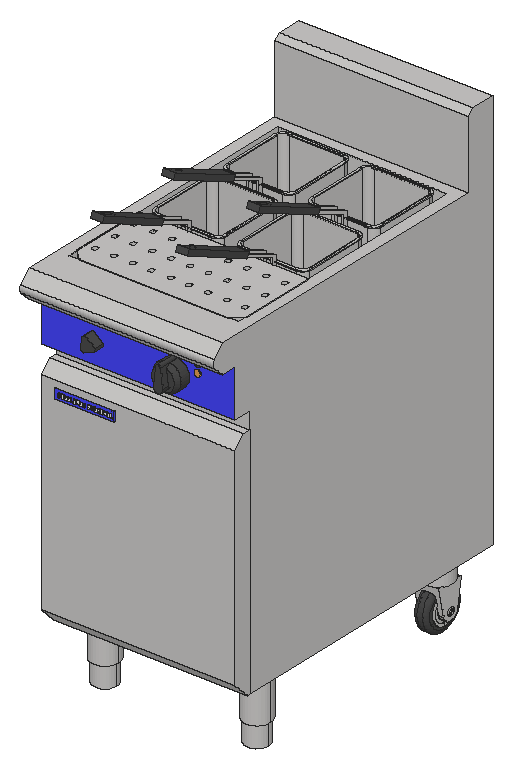
Revit family "QF_MOFFAT_BLUESEAL_CE_E47", category Specialty Equipment, Revit 2012
Parameters
  Weight in Pounds = 172
  Watts = 10500 W
  Waste Water Discharge Temperature [instance] = -459.67 °F
  Volts = 400 V
  URL Cutsheet = "www.moffat.com"
  URL = "www.moffat.com"
  Type Mark [instance] = ""
  Status [instance] = ""
  Specification by User [instance] = ""
  Specification by Manufacturer = ""
  Show Logo [instance] = yes
  Show Clearance [instance] = yes
  Show Casters [instance] = yes
  Serial Number = ""
  Seismic Rating = ""
  SMACNA No = ""
  Revision Code [instance] = ""
  Plumbing Remarks = ""
  Plumbing Connection Type = ""
  Phase = 3
  Omniclass Number and Title = ""
  Number of Poles [instance] = 1
  NAFEM Spec ID Number = ""
  Model = "E47"
  Min Ckt Ampacity = 0 A
  Max Overcurrent Protection = 0 A
  Masterspec = ""
  Manufacturer = "MOFFAT BLUESEAL"
  Legs [instance] = not(Show Casters)  # no
  Item Number [instance] = ""
  Installed By [instance] = ""
  Indirect Waste Size = 1"
  Indirect Waste Flow [instance] = 0 GPM
  Indirect Waste Connection Type = ""
  Indirect Waste Connection Height = 0 mm
  Identify Quantity as Lot [instance] = yes
  HP = ""
  Furnished By [instance] = ""
  Foodservice Equipment Identifier [instance] = yes
  FL Amps = 14.6 A
  Electrical Remarks [instance] = "14.6A PER PHASE"
  Electric Connection Type [instance] = ""
  Elec Conn RI Height [instance] = 0 mm
  Elec Conn Connection Height [instance] = 0 mm
  Description = "450MM ELECTRIC PASTA COOKER SINGLE PAN"
  Cycle = 50 Hz
  Conn Plug = ""
  Conn Conduit = yes
  Cold Water Temperature Recommended [instance] = -459.67 °F
  Cold Water Size = 1/2"
  Cold Water RI Height [instance] = 0 mm
  Cold Water Minimum Pressure = 0.00 psi
  Cold Water Maximum Pressure = 0.00 psi
  Cold Water Flow [instance] = 0 GPM
  Cold Water Consumption = ""
  Cold Water Connection Height = 0 mm
  CSI MasterFormat = ""
  CSI Master Format = ""
  Apparent Power = if(Phase = 3, Volts * FL Amps * 1.73, Volts * FL Amps)  # 10103.2 VA
Reference planes
  plane 1 "BACK": y = 0
  plane 2: z = 0
  plane 3 "LEFT": x = 0
  plane 4 "RIGHT": x = 450
  plane 5 "FRONT": y = -804.5
  plane 6 "TOP": z = 1085.5
  plane 7 "Center Y": x = 225
  plane 8 "Center X": y = -402.25
  plane 9: y = -470
  plane 10: x = 116
  plane 11: x = 49
  plane 12: y = -541
  plane 13: x = 92.16
  plane 14: y = -541
  plane 15: x = 180.045
  plane 16: y = -541
  plane 17: x = 224.495
  plane 18: y = -541
  plane 19: x = 267.312
  plane 20: y = -541
  plane 21: x = 355.197
  plane 22: y = -541
  plane 23: x = 398.358
  plane 24: y = -541
Forms (mm)
  Extrusion 1, solid, material "QF_Finishes_Stainless Steel"
    sketch origin (0, 0, 0) x (0, 1, 0) y (0, 0, 1)
      loop
        line (-705, 150) -> (0, 150) -> (0, 1085.5) -> (-57, 1085.5) -> (-70, 1072.5) -> (-70, 915) -> (-783.97, 915) -> (-808.485, 890.485)
        arc (-808.485, 890.485) -> (-811.999, 882) -> (-808.485, 873.515) r 12
        line (-808.485, 873.515) -> (-784.97, 850) -> (-749, 850) -> (-749, 740) -> (-705, 740) -> (-705, 150)
    from 0 to 450
  Extrusion 2, solid, material "QF_Finishes_Stainless Steel"
    sketch origin (0, 0, 0) x (0, 1, 0) y (0, 0, 1)
      loop
        line (-749, 676) -> (-749, 186) -> (-713, 150) -> (-705, 150) -> (-705, 700) -> (-725, 700) -> (-749, 676)
    from 0 to 450
  Revolve 3, solid, material "QF_Finishes_Stainless Steel"
    sketch origin (-16.8, -625, 0) x (1, 0, 0) y (0, 0, 1)
      loop
        line (65, 0) -> (65, 150) -> (33.25, 150) -> (33.25, 50) -> (37.5, 50) -> (37.5, 0) -> (65, 0)
      axis (65, 0) -> (65, 150)
    angle from 0 to 360
  Revolve 4, solid, material "QF_Finishes_Stainless Steel"
    sketch origin (466.8, -625, 0) x (-1, 0, 0) y (0, 0, 1)
      loop
        line (65, 0) -> (65, 150) -> (33.25, 150) -> (33.25, 50) -> (37.5, 50) -> (37.5, 0) -> (65, 0)
      axis (65, 0) -> (65, 150)
    angle from 0 to 360
  Revolve 5, solid, material "QF_Finishes_Stainless Steel", visible <- "Legs"
    sketch origin (401.8, -166, 0) x (0, 1, 0) y (0, 0, -1)
      loop
        line (34.25, -150) -> (66, -150) -> (66, 0) -> (38.5, 0) -> (38.5, -50) -> (34.25, -50) -> (34.25, -150)
      axis (66, -150) -> (66, 0)
    angle from 0 to 360
  Revolve 6, solid, material "QF_Finishes_Stainless Steel", visible <- "Show Casters"
    sketch origin (451.024, -100.755, -12.8) x (-1, 0, 0) y (0, 0, -1)
      loop
        line (14.841, -63.604) -> (14.841, -67.109) -> (16.111, -68.379) -> (17.635, -68.379) -> (17.635, -71.826) -> (29.782, -71.826) -> (29.782, -81.871) -> (33.352, -83.932) -> (34.687, -92.179) -> (32.544, -92.179) -> (32.544, -98.529) -> (33.338, -98.529) -> (33.338, -104.879)
        arc (33.338, -104.879) -> (36.127, -111.614) -> (42.863, -114.404) r 9.525
        line (42.863, -114.404) -> (55.563, -114.404)
        arc (55.563, -114.404) -> (62.298, -111.614) -> (65.088, -104.879) r 9.525
        line (65.088, -104.879) -> (65.088, -98.529) -> (65.881, -98.529) -> (65.881, -92.179) -> (63.738, -92.179) -> (65.088, -83.843) -> (68.644, -81.79) -> (68.644, -71.826) -> (80.79, -71.826) -> (80.79, -68.379) -> (82.314, -68.379) -> (83.584, -67.109) -> (83.584, -63.604) -> (14.841, -63.604)
      axis (14.841, -63.604) -> (83.584, -63.604)
    angle from 0 to 360
  Extrusion 7, solid, material "QF_Finishes_Stainless Steel", visible <- "Show Casters"
    sketch origin (395.299, 132.353, -8.783) x (0, 1, 0) y (0, 0, -1)
      loop
        line (-200.603, -118.783) -> (-212.959, -53.895)
        arc (-212.959, -53.895) -> (-232.353, -38.783) -> (-251.746, -53.895) r 20
        line (-251.746, -53.895) -> (-264.103, -118.783) -> (-200.603, -118.783)
    from -35.667 to 22.923
  Revolve 8, solid, material "QF_Finishes_Stainless Steel", visible <- "Show Casters"
    sketch origin (401.8, -204, 0) x (0, 1, 0) y (0, 0, -1)
      loop
        line (68.25, -150) -> (104, -150) -> (104, -110) -> (68.25, -110) -> (68.25, -150)
      axis (104, -150) -> (104, -110)
    angle from 0 to 360
  Revolve 9, solid, material "QF_Finishes_Stainless Steel", visible <- "Legs"
    sketch origin (401.8, -166, 0) x (0, 1, 0) y (0, 0, -1)
      loop
        line (34.25, -150) -> (66, -150) -> (66, 0) -> (38.5, 0) -> (38.5, -50) -> (34.25, -50) -> (34.25, -150)
      axis (66, -150) -> (66, 0)
    angle from 0 to 360
  Revolve 10, solid, material "QF_Finishes_Stainless Steel", visible <- "Legs"
    sketch origin (48.2, -166, 0) x (0, 1, 0) y (0, 0, -1)
      loop
        line (34.25, -150) -> (66, -150) -> (66, 0) -> (38.5, 0) -> (38.5, -50) -> (34.25, -50) -> (34.25, -150)
      axis (66, -150) -> (66, 0)
    angle from 0 to 360
  Revolve 11, solid, material "QF_Finishes_Stainless Steel", visible <- "Show Casters"
    sketch origin (97.424, -100.755, -12.8) x (-1, 0, 0) y (0, 0, -1)
      loop
        line (14.841, -63.604) -> (14.841, -67.109) -> (16.111, -68.379) -> (17.635, -68.379) -> (17.635, -71.826) -> (29.782, -71.826) -> (29.782, -81.871) -> (33.352, -83.932) -> (34.687, -92.179) -> (32.544, -92.179) -> (32.544, -98.529) -> (33.338, -98.529) -> (33.338, -104.879)
        arc (33.338, -104.879) -> (36.127, -111.614) -> (42.863, -114.404) r 9.525
        line (42.863, -114.404) -> (55.563, -114.404)
        arc (55.563, -114.404) -> (62.298, -111.614) -> (65.088, -104.879) r 9.525
        line (65.088, -104.879) -> (65.088, -98.529) -> (65.881, -98.529) -> (65.881, -92.179) -> (63.738, -92.179) -> (65.088, -83.843) -> (68.644, -81.79) -> (68.644, -71.826) -> (80.79, -71.826) -> (80.79, -68.379) -> (82.314, -68.379) -> (83.584, -67.109) -> (83.584, -63.604) -> (14.841, -63.604)
      axis (14.841, -63.604) -> (83.584, -63.604)
    angle from 0 to 360
  Extrusion 12, solid, material "QF_Finishes_Stainless Steel", visible <- "Show Casters"
    sketch origin (41.699, 132.353, -8.783) x (0, 1, 0) y (0, 0, -1)
      loop
        line (-200.603, -118.783) -> (-212.959, -53.895)
        arc (-212.959, -53.895) -> (-232.353, -38.783) -> (-251.746, -53.895) r 20
        line (-251.746, -53.895) -> (-264.103, -118.783) -> (-200.603, -118.783)
    from -35.667 to 22.923
  Revolve 13, solid, material "QF_Finishes_Stainless Steel", visible <- "Show Casters"
    sketch origin (48.2, -204, 0) x (0, 1, 0) y (0, 0, -1)
      loop
        line (68.25, -150) -> (104, -150) -> (104, -110) -> (68.25, -110) -> (68.25, -150)
      axis (104, -150) -> (104, -110)
    angle from 0 to 360
  Revolve 14, solid, material "QF_Finishes_Stainless Steel", visible <- "Legs"
    sketch origin (48.2, -166, 0) x (0, 1, 0) y (0, 0, -1)
      loop
        line (34.25, -150) -> (66, -150) -> (66, 0) -> (38.5, 0) -> (38.5, -50) -> (34.25, -50) -> (34.25, -150)
      axis (66, -150) -> (66, 0)
    angle from 0 to 360
  Extrusion 15, solid, material "QF_Finishes_Orange"
    sketch origin (-661.662, -749, 852.5) x (0, 0, -1) y (1, 0, 0)
      loop
        circle (45.2, 1025.121) r 7.15
    from 0 to 1
  Revolve 16, solid, material "QF_Finishes_Black"
    sketch origin (318.453, 7, 760.3) x (0, 1, 0) y (0, 0, -1)
      loop
        line (-789, -69.5) -> (-766, -69.5) -> (-766, -42) -> (-756, -42) -> (-756, -37) -> (-800, -37) -> (-800, -63.651) -> (-789, -69.5)
      axis (-800, -37) -> (-756, -37)
    angle from 0 to 360
  Extrusion 17, solid, material "QF_Finishes_Black"
    sketch origin (456.723, 0, 760.458) x (-1, 0, 0) y (0, 0, -1)
      loop
        line (127.85, -26.064) -> (133.27, -68.983)
        arc (133.27, -68.983) -> (138.269, -73.87) -> (143.267, -68.983) r 5
        line (143.267, -68.983) -> (148.756, -24.898)
        arc (148.756, -24.898) -> (137.684, -14.399) -> (127.85, -26.064) r 10.487
    from 759 to 808
  Extrusion 18, solid, material "QF_Finishes_Black"
    sketch origin (-661.662, -749, 852.5) x (0, 0, -1) y (1, 0, 0)
      loop
        circle (25.2, 1025.121) r 7.15
    from 0 to 1
  Extrusion 19, solid, material "QF_Finishes_Black"
    sketch origin (22.819, -759, 866) x (0, 0, -1) y (1, 0, 0)
      loop
        line (86.551, 101.927) -> (74.537, 128.133) -> (67.527, 128.793) -> (50.134, 105.178) -> (53.346, 98.172) -> (81.813, 95.495) -> (86.551, 101.927)
    from 0 to 23
  Extrusion 20, void
    sketch origin (0, 0, 0) x (0, 1, 0) y (0, 0, 1)
      loop
        line (-95.5, 915) -> (-705, 915) -> (-705, 747.948) -> (-95.5, 747.948) -> (-95.5, 915)
    from 27.4 to 422.6
  Extrusion 21, solid, material "QF_Finishes_Stainless Steel"
    sketch origin (0, -783.97, 439.117) x (0, 1, 0) y (-1, 0, 0)
      loop
        circle (358.942, -392) r 6.35
    from -3.49 to 1.588
  Extrusion 22, solid, material "QF_Finishes_Stainless Steel"
    sketch origin (0, 0, 0) x (1, 0, 0) y (0, 1, 0)
      loop
        circle (116, -470) r 10
    from 170 to 175
  Extrusion 23, solid, material "QF_Finishes_Stainless Steel"
    sketch origin (0, 0, 150) x (-1, 0, 0) y (0, 1, 0)
      loop
        circle (-49, -541) r 6.35
    from 0 to 1.588
  Extrusion 24, solid, material "QF_Finishes_Stainless Steel"
    sketch origin (43.16, 0, 150) x (-1, 0, 0) y (0, 1, 0)
      loop
        circle (-49, -541) r 6.35
    from 0 to 1.588
  Extrusion 25, solid, material "QF_Finishes_Stainless Steel"
    sketch origin (131.045, 0, 150) x (-1, 0, 0) y (0, 1, 0)
      loop
        circle (-49, -541) r 6.35
    from 0 to 1.588
  Extrusion 26, solid, material "QF_Finishes_Stainless Steel"
    sketch origin (175.495, 0, 150) x (-1, 0, 0) y (0, 1, 0)
      loop
        circle (-49, -541) r 6.35
    from 0 to 1.588
  Extrusion 27, solid, material "QF_Finishes_Stainless Steel"
    sketch origin (218.312, 0, 150) x (-1, 0, 0) y (0, 1, 0)
      loop
        circle (-49, -541) r 6.35
    from 0 to 1.588
  Extrusion 28, solid, material "QF_Finishes_Stainless Steel"
    sketch origin (306.197, 0, 150) x (-1, 0, 0) y (0, 1, 0)
      loop
        circle (-49, -541) r 6.35
    from 0 to 1.588
  Extrusion 29, solid, material "QF_Finishes_Stainless Steel"
    sketch origin (349.358, 0, 150) x (-1, 0, 0) y (0, 1, 0)
      loop
        circle (-49, -541) r 6.35
    from 0 to 1.588
  Extrusion 30, solid, material "QF_Door-Drawer Clearances", visible <- "Show Clearance", detail levels coarse
    sketch origin (32.187, -710.65, 150) x (-1, 0, 0) y (0, 1, 0)
      loop
        line (32.187, -38.35) -> (-417.813, -38.35)
        arc (-417.813, -38.35) -> (-286.605, -360.107) -> (32.187, -498.361) r 460.122
        line (32.187, -498.361) -> (32.187, -38.35)
    from 0 to -550
  Extrusion 31, solid, material "QF_Finishes_Stainless Steel"
    sketch origin (0, 0, 0) x (1, 0, 0) y (0, 1, 0)
      loop
        line (422.6, -499.7) -> (27.4, -499.7) -> (27.4, -679.6) -> (52.8, -705) -> (397.2, -705) -> (422.6, -679.6) -> (422.6, -499.7)
    from 898.356 to 915
  Extrusion 32, void
    sketch origin (0, -692.812, 915) x (0, 1, 0) y (-1, 0, 0)
      loop
        circle (151.722, -50.321) r 6.35
      loop
        circle (94.572, -50.321) r 6.35
      loop
        circle (37.422, -50.321) r 6.35
      loop
        circle (151.722, -225.817) r 6.35
      loop
        circle (94.572, -225.817) r 6.35
      loop
        circle (37.422, -225.817) r 6.35
      loop
        circle (151.722, -181.367) r 6.35
      loop
        circle (94.572, -181.367) r 6.35
      loop
        circle (37.422, -181.367) r 6.35
      loop
        circle (151.722, -137.932) r 6.35
      loop
        circle (94.572, -137.932) r 6.35
      loop
        circle (37.422, -137.932) r 6.35
      loop
        circle (151.722, -93.482) r 6.35
      loop
        circle (94.572, -93.482) r 6.35
      loop
        circle (37.422, -93.482) r 6.35
      loop
        circle (151.722, -399.679) r 6.35
      loop
        circle (94.572, -399.679) r 6.35
      loop
        circle (37.422, -399.679) r 6.35
      loop
        circle (151.722, -268.633) r 6.35
      loop
        circle (94.572, -268.633) r 6.35
      loop
        circle (37.422, -268.633) r 6.35
      loop
        circle (151.722, -312.068) r 6.35
      loop
        circle (94.572, -312.068) r 6.35
      loop
        circle (37.422, -312.068) r 6.35
      loop
        circle (151.722, -356.518) r 6.35
      loop
        circle (94.572, -356.518) r 6.35
      loop
        circle (37.422, -356.518) r 6.35
    from -24.435 to 1.588
Cuts and joins
  Extrusion 20 cuts Extrusion 1
  Extrusion 32 cuts Extrusion 31
Lines and regions (mm)
  symbolic lines
    curve 1: line (0, 0, 915) -> (450, 0, 915)
    curve 2: line (0, -804.5, 915) -> (0, 0, 915)
    curve 3: line (450, -804.5, 915) -> (0, -804.5, 915)
    curve 4: line (450, 0, 915) -> (450, -804.5, 915)
    curve 5: line (0, -783.97, 915) -> (450, -783.97, 915)
    curve 6: line (27.4, -95.5, 915) -> (422.6, -95.5, 915)
    curve 7: line (422.6, -95.5, 915) -> (422.6, -705, 915)
    curve 8: line (422.6, -705, 915) -> (27.4, -705, 915)
    curve 9: line (27.4, -705, 915) -> (27.4, -95.5, 915)
    curve 10: line (422.6, -499.7, 915) -> (27.4, -499.7, 915)
    curve 11: line (0, -57, 915) -> (450, -57, 915)
    curve 12: line (0, -70, 915) -> (450, -70, 915)
    curve 50: line (27.4, -679.6, 0) -> (52.8, -705, 0)
    curve 51: line (397.2, -705, 0) -> (422.6, -679.6, 0)
  symbolic lines, style "SpecialityEquipmentHiddenLines", visible <- "Show Casters"
    curve 13: line (106.952, -62.61, 0) -> (56.152, -150.598, 0)
    curve 14: line (79.456, -46.735, 0) -> (106.952, -62.61, 0)
    curve 15: line (28.656, -134.723, 0) -> (79.456, -46.735, 0)
    curve 16: line (56.152, -150.598, 0) -> (28.656, -134.723, 0)
    curve 17: line (431.952, -62.61, 0) -> (381.152, -150.598, 0)
    curve 18: line (404.456, -46.735, 0) -> (431.952, -62.61, 0)
    curve 19: line (353.656, -134.723, 0) -> (404.456, -46.735, 0)
    curve 20: line (381.152, -150.598, 0) -> (353.656, -134.723, 0)
  symbolic lines, style "QF_Door-Drawer Clearances"
    curve 21: arc (446.641, -804.5, 0) -> (427.109, -892.322, 0) -> (390.862, -974.664, 0) r 460.122
    curve 22: line (96.129, -804.5, 0) -> (390.862, -974.664, 0)
  symbolic lines, style "SpecialityEquipment"
    curve 23: circle (50.321, -541.09, 0) r 6.35 normal (0, 0, 1)
    curve 24: circle (50.321, -598.24, 0) r 6.35 normal (0, 0, 1)
    curve 25: circle (50.321, -655.39, 0) r 6.35 normal (0, 0, 1)
    curve 26: circle (225.817, -541.09, 0) r 6.35 normal (0, 0, 1)
    curve 27: circle (225.817, -598.24, 0) r 6.35 normal (0, 0, 1)
    curve 28: circle (225.817, -655.39, 0) r 6.35 normal (0, 0, 1)
    curve 29: circle (181.367, -541.09, 0) r 6.35 normal (0, 0, 1)
    curve 30: circle (181.367, -598.24, 0) r 6.35 normal (0, 0, 1)
    curve 31: circle (181.367, -655.39, 0) r 6.35 normal (0, 0, 1)
    curve 32: circle (137.932, -541.09, 0) r 6.35 normal (0, 0, 1)
    curve 33: circle (137.932, -598.24, 0) r 6.35 normal (0, 0, 1)
    curve 34: circle (137.932, -655.39, 0) r 6.35 normal (0, 0, 1)
    curve 35: circle (93.482, -541.09, 0) r 6.35 normal (0, 0, 1)
    curve 36: circle (93.482, -598.24, 0) r 6.35 normal (0, 0, 1)
    curve 37: circle (93.482, -655.39, 0) r 6.35 normal (0, 0, 1)
    curve 38: circle (399.679, -541.09, 0) r 6.35 normal (0, 0, -1)
    curve 39: circle (399.679, -598.24, 0) r 6.35 normal (0, 0, -1)
    curve 40: circle (399.679, -655.39, 0) r 6.35 normal (0, 0, -1)
    curve 41: circle (268.633, -541.09, 0) r 6.35 normal (0, 0, -1)
    curve 42: circle (268.633, -598.24, 0) r 6.35 normal (0, 0, -1)
    curve 43: circle (268.633, -655.39, 0) r 6.35 normal (0, 0, -1)
    curve 44: circle (312.068, -541.09, 0) r 6.35 normal (0, 0, -1)
    curve 45: circle (312.068, -598.24, 0) r 6.35 normal (0, 0, -1)
    curve 46: circle (312.068, -655.39, 0) r 6.35 normal (0, 0, -1)
    curve 47: circle (356.518, -541.09, 0) r 6.35 normal (0, 0, -1)
    curve 48: circle (356.518, -598.24, 0) r 6.35 normal (0, 0, -1)
    curve 49: circle (356.518, -655.39, 0) r 6.35 normal (0, 0, -1)
Dimensions and locks
  equal spacing: plane 3 "LEFT", plane 7 "Center Y", plane 4 "RIGHT"
  plane 3 "LEFT" to plane 4 "RIGHT" = 450 mm
  equal spacing: plane 5 "FRONT", plane 8 "Center X", plane 1 "BACK"
  plane 5 "FRONT" to plane 1 "BACK" = 804.5 mm
  Revolve 6 sketch curve to Revolve 6 sketch curve = 50.8 mm
  Revolve 11 sketch curve to Revolve 11 sketch curve = 50.8 mm
  plane 9 to plane 1 "BACK" = 470 mm
  plane 3 "LEFT" to plane 10 = 116 mm
  plane 3 "LEFT" to plane 11 = 49 mm
  plane 12 to plane 1 "BACK" = 541 mm
  Extrusion 21 sketch curve to plane 4 "RIGHT" = 58 mm
  aligned and locked: level to plane 2
  aligned and locked: Extrusion 2 to plane 4 "RIGHT"
  aligned and locked: Extrusion 1 to plane 4 "RIGHT"
Automatic sketch dimensions
  Extrusion 1 sketch curve to plane 6 "TOP" = 0 mm
  Extrusion 1 sketch curve to plane 1 "BACK" = 0 mm
  plane 1 "BACK" to Extrusion 1 sketch curve = 57 mm
  plane 1 "BACK" to Extrusion 1 sketch curve = 70 mm
  Extrusion 1 sketch curve to plane 5 "FRONT" = 99.5 mm
  Extrusion 1 sketch curve to plane 5 "FRONT" = 55.5 mm
  Extrusion 1 sketch curve to plane 5 "FRONT" = 20.53 mm
  Extrusion 1 sketch curve to plane 5 "FRONT" = 19.53 mm
  Extrusion 1 sketch curve to plane 5 "FRONT" = 4.501 mm
  plane 5 "FRONT" to Extrusion 1 sketch curve = 3.985 mm  (x2)
  Extrusion 1 sketch curve to plane 6 "TOP" = 13 mm
  Extrusion 1 sketch curve to plane 6 "TOP" = 170.5 mm
  Extrusion 1 sketch curve to Extrusion 1 sketch curve = 24.515 mm
  Extrusion 1 sketch curve to Extrusion 1 sketch curve = 8.485 mm
  Extrusion 1 sketch curve to Extrusion 1 sketch curve = 23.515 mm
  Extrusion 1 sketch curve to Extrusion 1 sketch curve = 110 mm
  level to Extrusion 1 sketch curve = 150 mm
  Extrusion 2 sketch curve to plane 5 "FRONT" = 55.5 mm
  Extrusion 2 sketch curve to Extrusion 2 sketch curve = 24 mm  (x2)
  Extrusion 2 sketch curve to Extrusion 2 sketch curve = 36 mm  (x2)
  Extrusion 2 sketch curve to Extrusion 2 sketch curve = 8 mm
  level to Extrusion 2 sketch curve = 150 mm
  Extrusion 2 sketch curve to plane 6 "TOP" = 409.5 mm
  Revolve 3 sketch curve to level = 0 mm
  plane 3 "LEFT" to Revolve 3 sketch curve = 16.45 mm
  Revolve 3 sketch curve to Revolve 3 sketch curve = 4.25 mm
  Revolve 3 sketch curve to Revolve 3 sketch curve = 31.75 mm
  Revolve 3 sketch curve to Revolve 3 sketch curve = 0 mm  (x2)
  Revolve 3 sketch curve to Revolve 3 sketch curve = 50 mm
  Revolve 3 sketch curve to Revolve 3 sketch curve = 100 mm
  Revolve 3 sketch curve to Revolve 3 sketch curve = 25 mm
  Revolve 5 sketch curve to level = 0 mm
  level to Revolve 5 sketch curve = 50 mm
  plane 1 "BACK" to Revolve 5 sketch curve = 131.75 mm
  Revolve 5 sketch curve to Revolve 5 sketch curve = 4.25 mm
  Revolve 5 sketch curve to Revolve 5 sketch curve = 27.5 mm  (x2)
  Revolve 5 sketch curve to Revolve 5 sketch curve = 100 mm
  Revolve 5 sketch curve to Revolve 5 sketch curve = 0 mm
  Revolve 5 sketch curve to Revolve 5 sketch curve = 55 mm
  plane 1 "BACK" to Extrusion 7 sketch curve = 131.75 mm
  level to Extrusion 7 sketch curve = 45.111 mm  (x2)
  Extrusion 7 sketch curve to Extrusion 7 sketch curve = 12.357 mm
  Extrusion 7 sketch curve to Extrusion 7 sketch curve = 19.393 mm
  Extrusion 7 sketch curve to Extrusion 7 sketch curve = 63.5 mm
  Extrusion 7 sketch curve to Extrusion 7 sketch curve = 4.889 mm
  Extrusion 7 sketch curve to Extrusion 7 sketch curve = 64.889 mm
  plane 1 "BACK" to Revolve 8 sketch curve = 135.75 mm
  plane 1 "BACK" to Revolve 8 sketch curve = 100 mm
  Revolve 8 sketch curve to Revolve 8 sketch curve = 35.75 mm
  level to Revolve 8 sketch curve = 150 mm
  Revolve 8 sketch curve to Revolve 8 sketch curve = 40 mm
  level to Revolve 8 sketch curve = 50 mm
  Revolve 8 sketch curve to level = 55 mm
  Revolve 9 sketch curve to level = 0 mm
  level to Revolve 9 sketch curve = 50 mm
  plane 1 "BACK" to Revolve 9 sketch curve = 131.75 mm
  Revolve 9 sketch curve to Revolve 9 sketch curve = 4.25 mm
  Revolve 9 sketch curve to Revolve 9 sketch curve = 27.5 mm  (x2)
  Revolve 9 sketch curve to Revolve 9 sketch curve = 100 mm
  Revolve 9 sketch curve to Revolve 9 sketch curve = 0 mm
  Revolve 9 sketch curve to Revolve 9 sketch curve = 55 mm
  Revolve 10 sketch curve to level = 0 mm
  level to Revolve 10 sketch curve = 50 mm
  plane 1 "BACK" to Revolve 10 sketch curve = 131.75 mm
  Revolve 10 sketch curve to Revolve 10 sketch curve = 4.25 mm
  Revolve 10 sketch curve to Revolve 10 sketch curve = 27.5 mm  (x2)
  Revolve 10 sketch curve to Revolve 10 sketch curve = 100 mm
  Revolve 10 sketch curve to Revolve 10 sketch curve = 0 mm
  Revolve 10 sketch curve to Revolve 10 sketch curve = 55 mm
  plane 3 "LEFT" to Revolve 11 sketch curve = 82.582 mm
  Revolve 11 sketch curve to Revolve 11 sketch curve = 1.27 mm  (x4)
  Revolve 11 sketch curve to Revolve 11 sketch curve = 1.524 mm  (x2)
  Revolve 11 sketch curve to Revolve 11 sketch curve = 12.146 mm  (x2)
  Revolve 11 sketch curve to Revolve 11 sketch curve = 2.762 mm
  Revolve 11 sketch curve to Revolve 11 sketch curve = 0.794 mm  (x2)
  Revolve 11 sketch curve to Revolve 11 sketch curve = 3.57 mm
  Revolve 11 sketch curve to Revolve 11 sketch curve = 2.143 mm
  Revolve 11 sketch curve to Revolve 11 sketch curve = 9.525 mm
  Revolve 11 sketch curve to Revolve 11 sketch curve = 24.572 mm
  Revolve 11 sketch curve to Revolve 11 sketch curve = 12.7 mm
  Revolve 11 sketch curve to Revolve 11 sketch curve = 8.176 mm
  Revolve 11 sketch curve to Revolve 11 sketch curve = 1.349 mm  (x2)
  Revolve 11 sketch curve to Revolve 11 sketch curve = 3.556 mm
  Revolve 11 sketch curve to plane 3 "LEFT" = 19.48 mm
  level to Revolve 11 sketch curve = 101.604 mm
  Revolve 11 sketch curve to Revolve 11 sketch curve = 6.35 mm  (x4)
  Revolve 11 sketch curve to Revolve 11 sketch curve = 8.247 mm
  Revolve 11 sketch curve to Revolve 11 sketch curve = 8.336 mm
  Revolve 11 sketch curve to Revolve 11 sketch curve = 2.061 mm
  Revolve 11 sketch curve to Revolve 11 sketch curve = 2.053 mm
  Revolve 11 sketch curve to Revolve 11 sketch curve = 10.045 mm
  Revolve 11 sketch curve to Revolve 11 sketch curve = 9.964 mm
  Revolve 11 sketch curve to Revolve 11 sketch curve = 3.447 mm  (x2)
  Revolve 11 sketch curve to Revolve 11 sketch curve = 3.505 mm
  plane 1 "BACK" to Extrusion 12 sketch curve = 131.75 mm
  level to Extrusion 12 sketch curve = 45.111 mm  (x2)
  Extrusion 12 sketch curve to Extrusion 12 sketch curve = 12.357 mm
  Extrusion 12 sketch curve to Extrusion 12 sketch curve = 19.393 mm
  Extrusion 12 sketch curve to Extrusion 12 sketch curve = 63.5 mm
  Extrusion 12 sketch curve to Extrusion 12 sketch curve = 4.889 mm
  Extrusion 12 sketch curve to Extrusion 12 sketch curve = 64.889 mm
  plane 1 "BACK" to Revolve 13 sketch curve = 135.75 mm
  plane 1 "BACK" to Revolve 13 sketch curve = 100 mm
  Revolve 13 sketch curve to Revolve 13 sketch curve = 35.75 mm
  level to Revolve 13 sketch curve = 150 mm
  Revolve 13 sketch curve to Revolve 13 sketch curve = 40 mm
  level to Revolve 13 sketch curve = 50 mm
  Revolve 13 sketch curve to level = 55 mm
  Revolve 14 sketch curve to level = 0 mm
  level to Revolve 14 sketch curve = 50 mm
  plane 1 "BACK" to Revolve 14 sketch curve = 131.75 mm
  Revolve 14 sketch curve to Revolve 14 sketch curve = 4.25 mm
  Revolve 14 sketch curve to Revolve 14 sketch curve = 27.5 mm  (x2)
  Revolve 14 sketch curve to Revolve 14 sketch curve = 100 mm
  Revolve 14 sketch curve to Revolve 14 sketch curve = 0 mm
  Revolve 14 sketch curve to Revolve 14 sketch curve = 55 mm
  Revolve 16 sketch curve to plane 5 "FRONT" = 11.5 mm
  Revolve 16 sketch curve to Revolve 16 sketch curve = 0 mm  (x2)
  Revolve 16 sketch curve to Revolve 16 sketch curve = 11 mm
  Revolve 16 sketch curve to Revolve 16 sketch curve = 12.7 mm
  Revolve 16 sketch curve to Revolve 16 sketch curve = 23 mm
  Revolve 16 sketch curve to Revolve 16 sketch curve = 10 mm
  Revolve 16 sketch curve to plane 6 "TOP" = 255.7 mm
  Revolve 16 sketch curve to Revolve 16 sketch curve = 5.849 mm
  Revolve 16 sketch curve to Revolve 16 sketch curve = 27.5 mm
  Revolve 16 sketch curve to Revolve 16 sketch curve = 5 mm
  plane 7 "Center Y" to Extrusion 17 sketch curve = 103.873 mm
  Extrusion 17 sketch curve to Extrusion 17 sketch curve = 5.421 mm
  Extrusion 17 sketch curve to Extrusion 17 sketch curve = 10.419 mm
  Extrusion 17 sketch curve to Extrusion 17 sketch curve = 4.999 mm  (x2)
  Extrusion 17 sketch curve to Extrusion 17 sketch curve = 10.487 mm
  Extrusion 17 sketch curve to plane 6 "TOP" = 256.059 mm
  Extrusion 17 sketch curve to Extrusion 17 sketch curve = 0.113 mm
  Extrusion 17 sketch curve to Extrusion 17 sketch curve = 42.919 mm
  Extrusion 17 sketch curve to Extrusion 17 sketch curve = 1.167 mm
  Extrusion 19 sketch curve to plane 7 "Center Y" = 97.003 mm
  Extrusion 19 sketch curve to plane 6 "TOP" = 269.634 mm
  Extrusion 19 sketch curve to plane 7 "Center Y" = 104.009 mm
  Extrusion 19 sketch curve to Extrusion 19 sketch curve = 3.212 mm
  Extrusion 19 sketch curve to plane 7 "Center Y" = 73.388 mm
  Extrusion 19 sketch curve to Extrusion 19 sketch curve = 17.393 mm
  Extrusion 19 sketch curve to plane 7 "Center Y" = 74.048 mm
  Extrusion 19 sketch curve to Extrusion 19 sketch curve = 7.011 mm
  Extrusion 19 sketch curve to plane 7 "Center Y" = 106.686 mm
  Extrusion 19 sketch curve to Extrusion 19 sketch curve = 28.467 mm
  Extrusion 19 sketch curve to plane 7 "Center Y" = 100.254 mm
  Extrusion 19 sketch curve to Extrusion 19 sketch curve = 4.738 mm
  plane 1 "BACK" to Extrusion 20 sketch curve = 95.5 mm
  Extrusion 20 sketch curve to plane 6 "TOP" = 337.552 mm
  Extrusion 20 sketch curve to Extrusion 20 sketch curve = 167.052 mm
  Extrusion 22 sketch curve to plane 9 = 0 mm
  Extrusion 22 sketch curve to plane 10 = 0 mm
  Revolve 4 sketch curve to level = 0 mm
  Revolve 4 sketch curve to plane 4 "RIGHT" = 16.45 mm
  Revolve 4 sketch curve to Revolve 4 sketch curve = 4.25 mm
  Revolve 4 sketch curve to Revolve 4 sketch curve = 31.75 mm
  Revolve 4 sketch curve to Revolve 4 sketch curve = 0 mm  (x2)
  Revolve 4 sketch curve to Revolve 4 sketch curve = 50 mm
  Revolve 4 sketch curve to Revolve 4 sketch curve = 100 mm
  Revolve 4 sketch curve to Revolve 4 sketch curve = 25 mm
  plane 4 "RIGHT" to Revolve 6 sketch curve = 13.818 mm
  Revolve 6 sketch curve to Revolve 6 sketch curve = 1.27 mm  (x4)
  Revolve 6 sketch curve to Revolve 6 sketch curve = 1.524 mm  (x2)
  Revolve 6 sketch curve to Revolve 6 sketch curve = 12.146 mm  (x2)
  Revolve 6 sketch curve to Revolve 6 sketch curve = 2.762 mm
  Revolve 6 sketch curve to Revolve 6 sketch curve = 0.794 mm  (x2)
  Revolve 6 sketch curve to Revolve 6 sketch curve = 3.57 mm
  Revolve 6 sketch curve to Revolve 6 sketch curve = 2.143 mm
  Revolve 6 sketch curve to Revolve 6 sketch curve = 9.525 mm
  Revolve 6 sketch curve to Revolve 6 sketch curve = 24.572 mm
  Revolve 6 sketch curve to Revolve 6 sketch curve = 12.7 mm
  Revolve 6 sketch curve to Revolve 6 sketch curve = 8.176 mm
  Revolve 6 sketch curve to Revolve 6 sketch curve = 1.349 mm  (x2)
  Revolve 6 sketch curve to Revolve 6 sketch curve = 3.556 mm
  Revolve 6 sketch curve to Revolve 6 sketch curve = 33.32 mm
  level to Revolve 6 sketch curve = 101.604 mm
  Revolve 6 sketch curve to Revolve 6 sketch curve = 6.35 mm  (x4)
  Revolve 6 sketch curve to Revolve 6 sketch curve = 8.247 mm
  Revolve 6 sketch curve to Revolve 6 sketch curve = 8.336 mm
  Revolve 6 sketch curve to Revolve 6 sketch curve = 2.061 mm
  Revolve 6 sketch curve to Revolve 6 sketch curve = 2.053 mm
  Revolve 6 sketch curve to Revolve 6 sketch curve = 10.045 mm
  Revolve 6 sketch curve to Revolve 6 sketch curve = 9.964 mm
  Revolve 6 sketch curve to Revolve 6 sketch curve = 3.447 mm  (x2)
  Revolve 6 sketch curve to Revolve 6 sketch curve = 3.505 mm
  plane 4 "RIGHT" to Extrusion 15 sketch curve = 86.542 mm
  Extrusion 15 sketch curve to plane 6 "TOP" = 278.2 mm
  plane 4 "RIGHT" to Extrusion 18 sketch curve = 86.542 mm
  Extrusion 18 sketch curve to plane 6 "TOP" = 258.2 mm
  Extrusion 21 sketch curve to plane 8 "Center X" = 22.778 mm
  Extrusion 23 sketch curve to Extrusion 2 = 49 mm
  Extrusion 23 sketch curve to Extrusion 2 = 164 mm
  curve 4 to Extrusion 1 = 0 mm
  curve 2 to Extrusion 1 = 0 mm
  curve 5 to Extrusion 1 = 0 mm
  curve 12 to Extrusion 1 = 0 mm
  Extrusion 1 to curve 3 = 20.53 mm
  Extrusion 1 to curve 8 = 27.4 mm
  curve 8 to Extrusion 1 = 78.97 mm
  Extrusion 1 to curve 6 = 25.5 mm
  curve 11 to Extrusion 1 = 13 mm
  curve 11 to curve 2 = 57 mm
  Extrusion 1 to curve 7 = 27.4 mm
  Extrusion 24 sketch curve to Extrusion 2 = 92.16 mm
  Extrusion 24 sketch curve to Extrusion 2 = 164 mm
  Extrusion 25 sketch curve to Extrusion 2 = 180.045 mm
  Extrusion 25 sketch curve to Extrusion 2 = 164 mm
  Extrusion 26 sketch curve to Extrusion 2 = 224.495 mm
  Extrusion 26 sketch curve to Extrusion 2 = 164 mm
  Extrusion 27 sketch curve to Extrusion 2 = 182.688 mm
  Extrusion 27 sketch curve to Extrusion 2 = 164 mm
  Extrusion 28 sketch curve to Extrusion 2 = 94.803 mm
  Extrusion 28 sketch curve to Extrusion 2 = 164 mm
  Extrusion 29 sketch curve to Extrusion 2 = 51.642 mm
  Extrusion 29 sketch curve to Extrusion 2 = 164 mm
  Extrusion 30 sketch curve to plane 4 "RIGHT" = 0 mm
  Extrusion 30 sketch curve to plane 3 "LEFT" = 0 mm
  Extrusion 30 sketch curve to plane 3 "LEFT" = 10.122 mm
  Extrusion 30 sketch curve to plane 5 "FRONT" = 55.5 mm
  Extrusion 20 sketch curve to plane 5 "FRONT" = 99.5 mm
  curve 7 to curve 10 = 205.3 mm
  plane 3 "LEFT" to Extrusion 31 sketch curve = 27.4 mm
  Extrusion 31 sketch curve to Extrusion 31 sketch curve = 25.4 mm  (x3)
  plane 4 "RIGHT" to Extrusion 31 sketch curve = 52.8 mm
  plane 4 "RIGHT" to Extrusion 31 sketch curve = 27.4 mm
  Extrusion 31 sketch curve to plane 9 = 29.7 mm
  Extrusion 31 sketch curve to plane 5 "FRONT" = 99.5 mm
  Extrusion 32 sketch curve to plane 5 "FRONT" = 149.11 mm  (x2)
  Extrusion 32 sketch curve to Extrusion 32 sketch curve = 0 mm  (x18)
  plane 7 "Center Y" to Extrusion 32 sketch curve = 0.817 mm  (x3)
  Extrusion 32 sketch curve to Extrusion 32 sketch curve = 57.15 mm  (x7)
  Extrusion 32 sketch curve to Extrusion 32 sketch curve = 42.817 mm  (x3)
  Extrusion 32 sketch curve to Extrusion 32 sketch curve = 43.435 mm  (x6)
  Extrusion 32 sketch curve to Extrusion 32 sketch curve = 44.45 mm  (x6)
  Extrusion 32 sketch curve to Extrusion 32 sketch curve = 43.16 mm  (x6)
  Extrusion 32 sketch curve to plane 7 "Center Y" = 43.633 mm  (x3)
  plane 5 "FRONT" to curve 22 = 0 mm
  plane 5 "FRONT" to curve 21 = 0 mm
  curve 21 to plane 3 "LEFT" = 10.122 mm
  plane 3 "LEFT" to curve 15 = 28.656 mm
  curve 15 to curve 13 = 27.496 mm
  plane 3 "LEFT" to curve 15 = 79.456 mm
  plane 3 "LEFT" to curve 22 = 96.129 mm
  plane 4 "RIGHT" to curve 19 = 96.344 mm
  curve 19 to curve 17 = 27.496 mm
  plane 4 "RIGHT" to curve 21 = 59.138 mm
  plane 4 "RIGHT" to curve 19 = 45.544 mm
  plane 4 "RIGHT" to curve 21 = 3.359 mm
  plane 5 "FRONT" to curve 22 = 170.164 mm
  plane 1 "BACK" to curve 20 = 150.598 mm
  plane 1 "BACK" to curve 13 = 150.598 mm
  curve 13 to curve 15 = 15.875 mm
  curve 17 to curve 19 = 15.875 mm
  plane 3 "LEFT" to curve 25 = 50.321 mm
  plane 3 "LEFT" to curve 24 = 50.321 mm
  plane 3 "LEFT" to curve 23 = 50.321 mm
  curve 24 to curve 36 = 43.16 mm
  curve 25 to curve 37 = 43.16 mm
  curve 23 to curve 35 = 43.16 mm
  curve 37 to curve 34 = 44.45 mm
  curve 36 to curve 33 = 44.45 mm
  curve 35 to curve 32 = 44.45 mm
  curve 34 to curve 31 = 43.435 mm
  curve 32 to curve 29 = 43.435 mm
  curve 33 to curve 30 = 43.435 mm
  plane 7 "Center Y" to curve 27 = 0.817 mm
  plane 7 "Center Y" to curve 28 = 0.817 mm
  plane 7 "Center Y" to curve 26 = 0.817 mm
  curve 27 to curve 42 = 42.817 mm
  curve 28 to curve 43 = 42.817 mm
  curve 26 to curve 41 = 42.817 mm
  curve 41 to curve 44 = 43.435 mm
  curve 42 to curve 45 = 43.435 mm
  curve 43 to curve 46 = 43.435 mm
  curve 46 to curve 49 = 44.45 mm
  curve 44 to curve 47 = 44.45 mm
  curve 45 to curve 48 = 44.45 mm
  curve 48 to curve 39 = 43.16 mm
  curve 47 to curve 38 = 43.16 mm
  curve 49 to curve 40 = 43.16 mm
  curve 43 to plane 5 "FRONT" = 149.11 mm
  curve 28 to curve 43 = 0 mm
  curve 31 to curve 28 = 0 mm
  curve 43 to curve 40 = 0 mm
  curve 43 to curve 46 = 0 mm
  curve 21 to curve 25 = 93.61 mm
  curve 49 to curve 40 = 0 mm
  curve 25 to curve 37 = 0 mm
  curve 34 to curve 31 = 0 mm
  curve 46 to curve 45 = 57.15 mm
  curve 37 to curve 36 = 57.15 mm
  curve 45 to curve 48 = 0 mm
  curve 48 to curve 39 = 0 mm
  curve 31 to curve 30 = 57.15 mm
  curve 42 to curve 45 = 0 mm
  curve 27 to curve 42 = 0 mm
  curve 33 to curve 30 = 0 mm
  curve 24 to curve 36 = 0 mm
  curve 24 to curve 23 = 57.15 mm
  curve 27 to curve 26 = 57.15 mm
  curve 45 to curve 44 = 57.15 mm
  curve 44 to curve 47 = 0 mm
  curve 29 to curve 26 = 0 mm
  curve 26 to curve 41 = 0 mm
  curve 47 to curve 38 = 0 mm
  curve 32 to curve 29 = 0 mm
  curve 23 to curve 35 = 0 mm
  radius of Extrusion 22 sketch curve = 10 mm
  radius of Extrusion 15 sketch curve = 7.15 mm
  radius of Extrusion 18 sketch curve = 7.15 mm
  radius of Extrusion 21 sketch curve = 6.35 mm
  radius of Extrusion 23 sketch curve = 6.35 mm
  radius of Extrusion 24 sketch curve = 6.35 mm
  radius of Extrusion 25 sketch curve = 6.35 mm
  radius of Extrusion 26 sketch curve = 6.35 mm
  radius of Extrusion 27 sketch curve = 6.35 mm
  radius of Extrusion 28 sketch curve = 6.35 mm
  radius of Extrusion 29 sketch curve = 6.35 mm
  radius of Extrusion 32 sketch curve = 6.35 mm  (x27)
  radius of curve 23 = 6.35 mm
  radius of curve 24 = 6.35 mm
  radius of curve 25 = 6.35 mm
  radius of curve 26 = 6.35 mm
  radius of curve 27 = 6.35 mm
  radius of curve 28 = 6.35 mm
  radius of curve 29 = 6.35 mm
  radius of curve 30 = 6.35 mm
  radius of curve 31 = 6.35 mm
  radius of curve 32 = 6.35 mm
  radius of curve 33 = 6.35 mm
  radius of curve 34 = 6.35 mm
  radius of curve 35 = 6.35 mm
  radius of curve 36 = 6.35 mm
  radius of curve 37 = 6.35 mm
  radius of curve 38 = 6.35 mm
  radius of curve 39 = 6.35 mm
  radius of curve 40 = 6.35 mm
  radius of curve 41 = 6.35 mm
  radius of curve 42 = 6.35 mm
  radius of curve 43 = 6.35 mm
  radius of curve 44 = 6.35 mm
  radius of curve 45 = 6.35 mm
  radius of curve 46 = 6.35 mm
  radius of curve 47 = 6.35 mm
  radius of curve 48 = 6.35 mm
  radius of curve 49 = 6.35 mm
Nested families
  nested 1: "WALDORF LOGO_FACE BASE" at (32, -749, 660.385) x (1, 0, 0) z (0, -1, 0), visible <- "Show Logo", type "WALDORF LOGO_FACE BASE", detail levels medium+fine
    with Show Logo yes
  nested 2: "PASTA COOKER BASKET" at (241.4, -105.75, 754.625), type "PASTA COOKER BASKET"
    with Width 165 mm, Type Mark "", Status "", Specification by User "", Show Rectangular Basket no, Revision Code "", Item Number "", Installed By "", Identify Quantity as Lot yes, Furnished By "", Foodservice Equipment Identifier yes, Deep 180 mm
  nested 3: "PASTA COOKER BASKET" at (241.4, -312.125, 754.625), type "PASTA COOKER BASKET"
    with Width 165 mm, Type Mark "", Status "", Specification by User "", Show Rectangular Basket no, Revision Code "", Item Number "", Installed By "", Identify Quantity as Lot yes, Furnished By "", Foodservice Equipment Identifier yes, Deep 180 mm
  nested 4: "PASTA COOKER BASKET" at (208.6, -105.75, 754.625) x (-1, 0, 0) z (0, 0, 1), type "PASTA COOKER BASKET"
    with Width 165 mm, Type Mark "", Status "", Specification by User "", Show Rectangular Basket no, Revision Code "", Item Number "", Installed By "", Identify Quantity as Lot yes, Furnished By "", Foodservice Equipment Identifier yes, Deep 180 mm
  nested 5: "PASTA COOKER BASKET" at (208.6, -312.125, 754.625) x (-1, 0, 0) z (0, 0, 1), type "PASTA COOKER BASKET"
    with Width 165 mm, Type Mark "", Status "", Specification by User "", Show Rectangular Basket no, Revision Code "", Item Number "", Installed By "", Identify Quantity as Lot yes, Furnished By "", Foodservice Equipment Identifier yes, Deep 180 mm
Connectors
  electrical at (392, -425.028, 440.705), driven by "Volts", driven by "Watts"
    settings: on Extrusion 21, index 1, voltage 400 V, apparent load 10500 VA, apparent load phase1 0 VA, apparent load phase2 0 VA, apparent load phase3 0 VA, power factor 1, load classification "Other", number of poles 1, system type 30, power factor state 1, is connector primary yes, connector utility no, sub classification motor no, connector description "ELECTRICAL CONNECTION"
  piping at (116, -470, 170)
    settings: on Extrusion 22, index 2, connector radius 1/2", flow factor 0, pipe flow 0 GPM, pressure drop 0.00 psi, fitting loss kfactor 0, connector angle 0.00°, fixture units 0, engagement length 0 mm, flow configuration 1, flow direction 2, fitting loss method 0, system type 16, joint type 0, gender type 0, connector reference index -1, connector utility 0, adjustable connector no, is connector primary yes, fitting loss table "", connector description "DRAIN"
  piping at (49, -541, 148.413)
    settings: on Extrusion 23, index 3, connector radius 0.25197", flow factor 0, pipe flow 0 GPM, pressure drop 0.00 psi, fitting loss kfactor 0, connector angle 0.00°, fixture units 0, engagement length 0 mm, flow configuration 1, flow direction 1, fitting loss method 0, system type 20, joint type 0, gender type 0, connector reference index -1, connector utility 0, adjustable connector no, is connector primary no, fitting loss table "", connector description "WATER INLET"
Definition of nested family "WALDORF LOGO_FACE BASE"
  Parameters (values of type "WALDORF LOGO_FACE BASE")
    Show Logo [instance] = yes
    Default Elevation = 1219.2 mm
  Reference planes
    plane 1 "Center (Front/Back)": y = 0
    plane 2: z = 0
    plane 3 "Center (Left/Right)": x = 0
  Forms (mm)
    Extrusion 1, solid
      sketch origin (0, 0, 0) x (1, 0, 0) y (0, 1, 0)
        loop
          line (-1219.2, 1219.2) -> (-1219.2, -1219.2) -> (1219.2, -1219.2) -> (1219.2, 1219.2) -> (-1219.2, 1219.2)
      from 0 to -304.8
    Extrusion 2, solid, material "QF_Finishes_Blue", visible <- "Show Logo"
      sketch origin (0, -33.217, 0) x (1, 0, 0) y (0, 1, 0)
        loop
          arc (138, 31.942) -> (137.626, 32.844) -> (136.724, 33.217) r 1.276
          line (136.724, 33.217) -> (1.29, 33.217)
          arc (1.29, 33.217) -> (0.378, 32.839) -> (0, 31.927) r 1.29
          line (0, 31.927) -> (0, 11.507)
          arc (0, 11.507) -> (0.378, 10.595) -> (1.29, 10.217) r 1.29
          line (1.29, 10.217) -> (136.71, 10.217)
          arc (136.71, 10.217) -> (137.622, 10.595) -> (138, 11.507) r 1.29
          line (138, 11.507) -> (138, 31.942)
      from 0 to 1.588
    Extrusion 3, solid, material "QF_Finishes_White", visible <- "Show Logo"
      sketch origin (0, -33.217, 1.588) x (1, 0, 0) y (0, 1, 0)
        loop
          arc (108.946, 25.919) -> (107.613, 25.367) -> (107.061, 24.034) r 1.885
          line (107.061, 24.034) -> (107.061, 17.211) -> (112.704, 17.211) -> (112.704, 19.129) -> (115.546, 19.129) -> (115.546, 17.211) -> (121.584, 17.211) -> (121.584, 24.075)
          arc (121.584, 24.075) -> (121.043, 25.379) -> (119.739, 25.919) r 1.845
          line (119.739, 25.919) -> (108.946, 25.919)
        loop
          line (123.478, 25.919) -> (123.478, 17.163) -> (134.904, 17.163) -> (134.904, 19.129) -> (129.246, 19.129) -> (129.246, 25.919) -> (123.478, 25.919)
        loop
          line (112.704, 21.258) -> (115.546, 21.258) -> (115.546, 22.702)
          arc (115.546, 22.702) -> (115.344, 23.188) -> (114.858, 23.389) r 0.687
          line (114.858, 23.389) -> (113.363, 23.389)
          arc (113.363, 23.389) -> (112.897, 23.196) -> (112.704, 22.73) r 0.658
          line (112.704, 22.73) -> (112.704, 21.258)
        loop
          line (105.071, 25.919) -> (93.771, 25.919) -> (93.771, 17.163) -> (105.071, 17.163) -> (105.071, 19.063) -> (99.535, 19.063) -> (99.535, 20.437) -> (105.071, 20.437) -> (105.071, 22.278) -> (99.535, 22.278) -> (99.535, 23.587) -> (105.071, 23.587) -> (105.071, 25.919)
        loop
          line (91.104, 25.919) -> (79.541, 25.919)
          arc (79.541, 25.919) -> (78.558, 25.513) -> (78.152, 24.53) r 1.389
          line (78.152, 24.53) -> (78.152, 22.08)
          arc (78.152, 22.08) -> (78.558, 21.098) -> (79.541, 20.691) r 1.389
          line (79.541, 20.691) -> (86.346, 20.691) -> (86.346, 18.864) -> (83.266, 18.864) -> (83.266, 19.664) -> (78.152, 19.664) -> (78.152, 18.553)
          arc (78.152, 18.553) -> (78.558, 17.57) -> (79.541, 17.163) r 1.389
          line (79.541, 17.163) -> (91.063, 17.163)
          arc (91.063, 17.163) -> (92.045, 17.57) -> (92.452, 18.553) r 1.389
          line (92.452, 18.553) -> (92.452, 20.691)
          arc (92.452, 20.691) -> (92.045, 21.673) -> (91.063, 22.08) r 1.389
          line (91.063, 22.08) -> (83.266, 22.08) -> (83.266, 23.984) -> (86.346, 23.984) -> (86.346, 22.743) -> (92.452, 22.743) -> (92.452, 24.571)
          arc (92.452, 24.571) -> (92.057, 25.524) -> (91.104, 25.919) r 1.348
        loop
          line (70.705, 25.919) -> (59.405, 25.919) -> (59.405, 17.163) -> (70.705, 17.163) -> (70.705, 19.063) -> (65.169, 19.063) -> (65.169, 20.437) -> (70.705, 20.437) -> (70.705, 22.278) -> (65.169, 22.278) -> (65.169, 23.587) -> (70.705, 23.587) -> (70.705, 25.919)
        loop
          line (57.598, 25.919) -> (51.7, 25.919) -> (51.7, 20.18)
          arc (51.7, 20.18) -> (50.63, 19.11) -> (49.56, 20.18) r 1.07
          line (49.56, 20.18) -> (49.56, 25.919) -> (43.663, 25.919) -> (43.663, 19.049)
          arc (43.663, 19.049) -> (44.215, 17.716) -> (45.548, 17.163) r 1.885
          line (45.548, 17.163) -> (55.71, 17.163)
          arc (55.71, 17.163) -> (57.045, 17.716) -> (57.598, 19.051) r 1.887
          line (57.598, 19.051) -> (57.598, 25.919)
        loop
          line (31.62, 25.919) -> (31.62, 17.163) -> (43.046, 17.163) -> (43.046, 19.129) -> (37.388, 19.129) -> (37.388, 25.919) -> (31.62, 25.919)
        loop
          line (15.969, 25.919) -> (15.969, 17.163) -> (28.693, 17.163)
          arc (28.693, 17.163) -> (29.812, 17.627) -> (30.276, 18.746) r 1.582
          line (30.276, 18.746) -> (30.276, 20.447) -> (29.48, 21.243) -> (30.276, 22.039) -> (30.276, 24.332)
          arc (30.276, 24.332) -> (29.811, 25.454) -> (28.688, 25.919) r 1.587
          line (28.688, 25.919) -> (15.969, 25.919)
        loop
          line (21.449, 24.159) -> (21.449, 22.436) -> (23.862, 22.436)
          arc (23.862, 22.436) -> (24.723, 23.298) -> (23.862, 24.159) r 0.861
          line (23.862, 24.159) -> (21.449, 24.159)
        loop
          line (21.449, 20.244) -> (21.449, 18.522) -> (23.862, 18.522)
          arc (23.862, 18.522) -> (24.723, 19.383) -> (23.862, 20.244) r 0.861
          line (23.862, 20.244) -> (21.449, 20.244)
      from 0 to 0.2
    Extrusion 4, solid, material "QF_Finishes_Blue", visible <- "Show Logo"
      sketch origin (-126.498, -31.09, 1.588) x (1, 0, 0) y (0, 1, 0)
        loop
          line (136.738, 23.522) -> (136.738, 15.1)
          arc (136.738, 15.1) -> (140.756, 19.311) -> (136.738, 23.522) r 4.216
      from 0 to 0.2
    Extrusion 5, solid, material "QF_Finishes_Red", visible <- "Show Logo"
      sketch origin (146.849, -31.09, 1.588) x (-1, 0, 0) y (0, -1, 0)
        loop
          arc (136.738, -23.522) -> (140.756, -19.311) -> (136.738, -15.1) r 4.216
          line (136.738, -15.1) -> (136.738, -23.522)
      from 0 to 0.2
  Lines and regions (mm)
    Split face 1
      outline origin (-90.35, -30.793, 1.588) x (1, 0, 0) y (0, 1, 0)
        loop
          circle (100.54, 19.013) r 4.536
  Dimensions and locks
    aligned and locked: plane 2 to Extrusion 1
    aligned and locked: level to Extrusion 1
Definition of nested family "PASTA COOKER BASKET"
  Parameters (values of type "PASTA COOKER BASKET")
    Width [instance] = 165 mm
    Weight in Pounds = 0
    URL Cutsheet = ""
    Type Mark [instance] = ""
    Status [instance] = ""
    Specification by User [instance] = ""
    Specification by Manufacturer = ""
    Show Rectangular Basket [instance] = no
    Serial Number = ""
    Seismic Rating = ""
    SMACNA No = ""
    Revision Code [instance] = ""
    Omniclass Number and Title = ""
    NAFEM Spec ID Number = ""
    Masterspec = ""
    Lenght = 165 mm
    Item Number [instance] = ""
    Installed By [instance] = ""
    Identify Quantity as Lot [instance] = yes
    Furnished By [instance] = ""
    Foodservice Equipment Identifier [instance] = yes
    Deep [instance] = if(Show Rectangular Basket, 320 mm, 180 mm)  # 180 mm
    CSI MasterFormat = ""
    CSI Master Format = ""
  Reference planes
    plane 1 "BACK": y = 0
    plane 2: z = 0
    plane 3 "LEFT": x = 0
    plane 4 "RIGHT": x = 165
    plane 5 "FRONT": y = -180
    plane 6 "TOP": z = 165
    plane 7 "Center Y": x = 82.5
    plane 8 "Center X": y = -90
  Forms (mm)
    Extrusion 1, solid, material "QF_Finishes_Stainless Steel"
      sketch origin (165, 0, 0) x (0, -1, 0) y (0, 0, 1)
        loop
          line (258.321, 214.429) -> (179.875, 177.848) -> (179.875, 0.812) -> (186.225, 0.812) -> (186.225, 173.748) -> (261.026, 208.628) -> (258.321, 214.429)
      from 68.233 to 73.793
    Sweep 2, solid, material "QF_Finishes_Mesh"
      path origin (0, 0, 0) x (1, 0, 0) y (0, 1, 0)
        loop
          line (145, -3) -> (19.718, -3)
          arc (19.718, -3) -> (7.896, -7.896) -> (3, -19.718) r 16.718
          line (3, -19.718) -> (3, -160)
          arc (3, -160) -> (7.979, -172.021) -> (20, -177) r 17
          line (20, -177) -> (145, -177)
          arc (145, -177) -> (157.021, -172.021) -> (162, -160) r 17
          line (162, -160) -> (162, -20)
          arc (162, -20) -> (157.021, -7.979) -> (145, -3) r 17
      profile origin (82.359, -3, 0) x (0, -1, 0) y (0, 0, 1)
        loop
          line (0, 1.758) -> (1.588, 1.758) -> (1.588, 163.821) -> (0, 163.821) -> (0, 1.758)
    Sweep 3, solid, material "QF_Finishes_Stainless Steel"
      path origin (0, 0, 0) x (1, 0, 0) y (0, 1, 0)
        loop
          line (145, 0) -> (20, 0)
          arc (20, 0) -> (5.858, -5.858) -> (0, -20) r 20
          line (0, -20) -> (0, -160)
          arc (0, -160) -> (5.858, -174.142) -> (20, -180) r 20
          line (20, -180) -> (145, -180)
          arc (145, -180) -> (159.142, -174.142) -> (165, -160) r 20
          line (165, -160) -> (165, -20)
          arc (165, -20) -> (159.142, -5.858) -> (145, 0) r 20
      profile origin (82.5, 0, 0) x (0, -1, 0) y (0, 0, 1)
        loop
          circle (1.979, 163.047) r 2
        loop
          circle (1.983, 1.992) r 2
    Extrusion 4, solid, material "QF_Finishes_Black"
      sketch origin (148.462, -934.483, 524.356) x (0, 0.9053, -0.424773) y (1, 0, 0)
        loop
          line (555.056, -51.695) -> (555.056, -80.501) -> (744.539, -80.501) -> (744.539, -51.695) -> (555.056, -51.695)
        loop
          line (598.929, -71.901) -> (598.929, -60.038) -> (568.929, -60.038) -> (568.929, -71.901) -> (598.929, -71.901)
      from -10.053 to 3.319
    Extrusion 5, solid, material "QF_Finishes_Mesh"
      sketch origin (145, -4.588, 1.758) x (0, 1, 0) y (1, 0, 0)
        loop
          line (-155.412, -140.412) -> (-15.13, -140.412)
          arc (-15.13, -140.412) -> (-4.432, -135.981) -> (0, -125.282) r 15.13
          line (0, -125.282) -> (0, 0)
          arc (0, 0) -> (-4.514, 10.898) -> (-15.412, 15.412) r 15.412
          line (-15.412, 15.412) -> (-155.412, 15.412)
          arc (-155.412, 15.412) -> (-166.311, 10.898) -> (-170.825, 0) r 15.412
          line (-170.825, 0) -> (-170.825, -125)
          arc (-170.825, -125) -> (-166.311, -135.898) -> (-155.412, -140.412) r 15.412
      from 0 to -1.662
    Extrusion 6, solid, material "QF_Finishes_Stainless Steel"
      sketch origin (0, 0, 0) x (0, -1, 0) y (0, 0, -1)
        loop
          line (258.321, -214.429) -> (261.026, -208.628) -> (186.225, -173.748) -> (186.225, -0.812) -> (179.875, -0.812) -> (179.875, -177.848) -> (258.321, -214.429)
      from 67.962 to 73.843
  Lines and regions (mm)
    symbolic lines
      curve 1: line (3, -19.718, 0) -> (3, -160, 0)
      curve 2: arc (19.718, -3, 0) -> (7.896, -7.896, 0) -> (3, -19.718, 0) r 16.718
      curve 3: line (145, -3, 0) -> (19.718, -3, 0)
      curve 4: arc (162, -20, 0) -> (157.021, -7.979, 0) -> (145, -3, 0) r 17
      curve 5: line (162, -160, 0) -> (162, -20, 0)
      curve 6: arc (145, -177, 0) -> (157.021, -172.021, 0) -> (162, -160, 0) r 17
      curve 7: line (20, -177, 0) -> (145, -177, 0)
      curve 8: arc (3, -160, 0) -> (7.979, -172.021, 0) -> (20, -177, 0) r 17
      curve 9: line (67.962, -180, 0) -> (67.962, -433.401, 0)
      curve 10: line (73.843, -256.182, 0) -> (73.843, -179.791, 0)
      curve 11: line (91.207, -180, 0) -> (91.207, -256.182, 0)
      curve 12: line (96.767, -433.401, 0) -> (96.767, -180, 0)
      curve 13: line (96.767, -256.182, 0) -> (67.962, -256.182, 0)
      curve 14: line (88.425, -388.002, 0) -> (88.425, -415.161, 0)
      curve 15: line (76.562, -415.161, 0) -> (76.562, -388.002, 0)
      curve 16: line (76.562, -415.161, 0) -> (88.425, -415.161, 0)
      curve 17: line (76.562, -388.002, 0) -> (88.425, -388.002, 0)
      curve 18: line (0, -19.718, 0) -> (0, -160, 0)
      curve 19: arc (0, -160, 0) -> (5.858, -174.142, 0) -> (20, -180, 0) r 20
      curve 20: line (20, -180, 0) -> (145, -180, 0)
      curve 21: arc (145, -180, 0) -> (159.142, -174.142, 0) -> (165, -160, 0) r 20
      curve 22: line (165, -160, 0) -> (165, -20, 0)
      curve 23: arc (165, -20, 0) -> (159.142, -5.858, 0) -> (145, 0, 0) r 20
      curve 24: line (145, 0, 0) -> (19.718, 0, 0)
      curve 25: arc (19.718, 0, 0) -> (5.775, -5.775, 0) -> (0, -19.718, 0) r 19.718
      curve 26: line (96.767, -433.401, 0) -> (67.962, -433.401, 0)
  Dimensions and locks
    equal spacing: plane 3 "LEFT", plane 7 "Center Y", plane 4 "RIGHT"
    "Width": plane 3 "LEFT" to plane 4 "RIGHT"
    equal spacing: plane 5 "FRONT", plane 8 "Center X", plane 1 "BACK"
    "Deep": plane 5 "FRONT" to plane 1 "BACK"
    "Lenght": plane 6 "TOP" to level
    Extrusion 1 sketch curve to Extrusion 1 sketch curve to Extrusion 1 sketch curve to plane 5 "FRONT" = 2.705 mm locked, 72.096 mm locked, 6.225 mm locked
    Extrusion 4 to Extrusion 4 to Extrusion 4 to Extrusion 4 to plane 5 "FRONT" = 5.68 mm locked, 165.859 mm locked, 5.68 mm locked, 76.182 mm locked
    Extrusion 6 sketch curve to Extrusion 6 sketch curve to Extrusion 6 sketch curve = 2.705 mm locked, 72.096 mm locked
    aligned and locked: level to plane 2
  Automatic sketch dimensions
    Extrusion 1 sketch curve to plane 5 "FRONT" = 0.125 mm
    level to Extrusion 1 sketch curve = 0.812 mm
    plane 6 "TOP" to Extrusion 1 sketch curve = 8.748 mm
    Extrusion 1 sketch curve to Extrusion 1 sketch curve = 4.101 mm
    plane 3 "LEFT" to Sweep 2 sketch curve = 3 mm
    Sweep 2 sketch curve to Sweep 2 sketch curve = 16.718 mm
    Sweep 2 sketch curve to plane 5 "FRONT" = 3 mm
    plane 3 "LEFT" to Sweep 2 sketch curve = 20 mm
    plane 4 "RIGHT" to Sweep 2 sketch curve = 20 mm  (x2)
    plane 4 "RIGHT" to Sweep 2 sketch curve = 3 mm
    plane 1 "BACK" to Sweep 2 sketch curve = 20 mm
    Sweep 2 sketch curve to profile plane = 0 mm
    Sweep 2 sketch curve to profile plane = 1.588 mm
    level to Sweep 2 sketch curve = 1.758 mm
    Sweep 2 sketch curve to Sweep 2 sketch curve = 162.063 mm
    Sweep 3 sketch curve to plane 3 "LEFT" = 0 mm
    plane 1 "BACK" to Sweep 3 sketch curve = 0 mm
    plane 5 "FRONT" to Sweep 3 sketch curve = 0 mm
    Sweep 3 sketch curve to plane 4 "RIGHT" = 0 mm
    plane 3 "LEFT" to Sweep 3 sketch curve = 20 mm  (x2)
    plane 1 "BACK" to Sweep 3 sketch curve = 20 mm
    plane 4 "RIGHT" to Sweep 3 sketch curve = 20 mm
    Sweep 3 sketch curve to profile plane = 1.979 mm
    Sweep 3 sketch curve to profile plane = 1.983 mm
    level to Sweep 3 sketch curve = 1.992 mm
    Sweep 3 sketch curve to Sweep 3 sketch curve = 161.055 mm
    plane 7 "Center Y" to Extrusion 4 sketch curve = 14.267 mm
    plane 7 "Center Y" to Extrusion 4 sketch curve = 5.925 mm
    Extrusion 4 sketch curve to Extrusion 4 sketch curve = 13.874 mm
    Extrusion 4 sketch curve to plane 7 "Center Y" = 5.938 mm
    Extrusion 4 sketch curve to Extrusion 4 sketch curve = 30 mm
    Extrusion 4 sketch curve to plane 7 "Center Y" = 14.538 mm
    Extrusion 4 sketch curve to Extrusion 4 sketch curve = 145.609 mm
    Sweep 2 to Extrusion 5 sketch curve = 15.412 mm
    Sweep 2 to Extrusion 5 sketch curve = 15.13 mm
    Extrusion 6 sketch curve to plane 5 "FRONT" = 0.125 mm
    level to Extrusion 6 sketch curve = 0.812 mm
    plane 5 "FRONT" to Extrusion 6 sketch curve = 6.225 mm
    plane 6 "TOP" to Extrusion 6 sketch curve = 8.748 mm
    Extrusion 6 sketch curve to Extrusion 6 sketch curve = 4.101 mm
    curve 2 to curve 25 = 0 mm  (x2)
    curve 4 to curve 23 = 0 mm  (x2)
    curve 6 to curve 21 = 0 mm  (x2)
    curve 8 to curve 19 = 0 mm
    curve 25 to plane 3 "LEFT" = 0 mm
    plane 1 "BACK" to curve 25 = 0 mm
    plane 5 "FRONT" to curve 9 = 0 mm
    curve 22 to plane 4 "RIGHT" = 0 mm
    plane 3 "LEFT" to curve 2 = 3 mm
    curve 1 to curve 25 = 16.718 mm
    plane 3 "LEFT" to curve 7 = 20 mm
    curve 9 to plane 7 "Center Y" = 14.538 mm
    curve 10 to plane 5 "FRONT" = 0.209 mm
    curve 9 to curve 10 = 5.882 mm
    curve 15 to plane 7 "Center Y" = 5.938 mm
    plane 7 "Center Y" to curve 14 = 5.925 mm
    plane 7 "Center Y" to curve 11 = 8.707 mm
    curve 11 to curve 13 = 5.56 mm
    plane 4 "RIGHT" to curve 6 = 20 mm
    plane 4 "RIGHT" to curve 23 = 20 mm
    plane 5 "FRONT" to curve 13 = 76.182 mm
    curve 17 to curve 10 = 131.82 mm
    curve 16 to curve 14 = 27.159 mm
    curve 9 to curve 15 = 18.24 mm
    radius of Sweep 3 sketch curve = 2 mm  (x2)
    radius of Extrusion 5 sketch curve to Sweep 2 = 0 mm  (x2)
